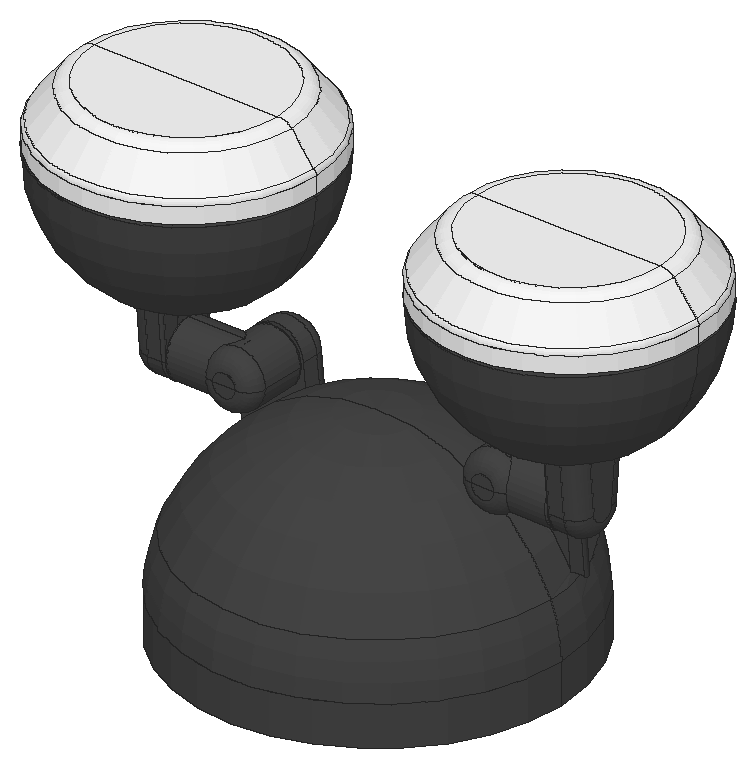
Revit family "AFX-Daniel-Outdoor_Sconce", category Lighting Fixtures, host Face, Revit 2021
Family settings
  Host = Face
  Round Connector Dimension = Use Diameter
  Part Type = Normal
  Cut with Voids When Loaded = No
  Light Source = No
  Shared = No
  Room Calculation Point = No
Parameters (values of type "DANW0706LAJENBK")
  Width = 7 3/8"
  Wattage Comments = "9"
  Voltage = 120 V
  URL = "https://www.afxinc.com/"
  Type Comments = "Daniel"  # constant formula
  Supports Finish = AFX - Black Steel
  Revit File Built By = "https://servex-us.com/servex-revit/"
  Product Documentation Link = "https://www.afxinc.com/products/productDetail.cfm?productID=2718"
  Power Factor = 1
  Model = "DANW0706LAJENBK"
  Manufacturer = "AFX Inc"  # constant formula
  Lamp = ""
  Keynote = "12500"  # constant formula
  Housing Finish = AFX - Black Steel
  Height = 6"
  Diffuser Finish = AFX - White Acrylic
  Description = "Outdoor LED Wall Light Polycarbonate Housing And Diffuser - 7 3/8\"W x 5 1/2\"D x 6\"H"
  Depth = 5 1/2"
  Default Elevation = 48"
  Colour Rendering Index = "80"
  Assembly Code = "D5020200"
  Apparent Load = 0 VA
Reference planes (in)
  plane 1 "Center (Front/Back)": y = 0
  plane 2: z = 0
  plane 3 "Center (Left/Right)": x = 0
  plane 4: x = -3.6875
  plane 5: x = 3.6875
  plane 6: y = 3
  plane 7: y = -3
  plane 8: z = 6
Forms (in)
  Revolve 1, solid, material "AFX - Black Steel" <- "Housing Finish"
    sketch origin (0, 0, 0) x (1, 0, 0) y (0, 0, 1)
      loop
        line (2.57111, 0) -> (2.57111, 0.5536)
        arc (2.57111, 0.5536) -> (2.53203, 0.92077) -> (2.41654, 1.27149) r 1.74439
        arc (2.41654, 1.27149) -> (1.43774, 2.40154) -> (0, 2.81136) r 2.6171
        line (0, 2.81136) -> (0, 0) -> (2.57111, 0)
      axis (0, 2.81136) -> (0, 0)
    angle from 0 to 360
  Revolve 2, solid, material "AFX - Black Steel" <- "Supports Finish"
    sketch origin (0, 0, 2.65625) x (1, 0, 0) y (0, 1, 0)
      loop
        arc (1.43966, 0.43836) -> (1.42455, 0.4321) -> (1.41829, 0.41699) r 0.02137
        line (1.41829, 0.41699) -> (1.41829, -0.19244)
        arc (1.41829, -0.19244) -> (1.48693, -0.35816) -> (1.65265, -0.42681) r 0.23436
        line (1.65265, -0.42681) -> (1.81144, -0.42681) -> (1.81144, 0.43836) -> (1.43966, 0.43836)
      axis (1.81144, 0.43836) -> (1.81144, -0.42681)
    angle from 0 to 360
  Revolve 3, solid, material "AFX - Black Steel" <- "Supports Finish"
    sketch origin (0, 0, -0.00391) x (1, 0, 0) y (0, 0, 1)
      loop
        line (2.67198, 2.65998) -> (2.67198, 3.02602)
        arc (2.67198, 3.02602) -> (2.6654, 3.04191) -> (2.6495, 3.0485) r 0.02248
        line (2.6495, 3.0485) -> (1.79715, 3.0485) -> (1.79715, 2.65998) -> (2.67198, 2.65998)
      axis (2.67198, 2.65998) -> (1.79715, 2.65998)
    angle from 0 to 360
  Sweep 4, solid, material "AFX - Black Steel" <- "Housing Finish"
    path origin (0, 0.48437, 0) x (1, 0, 0) y (0, 0, -1)
      loop
        line (-1.3623, -2.04654) -> (-1.41859, -2.68992)
        arc (-1.41859, -2.68992) -> (-1.81099, -3.04949) -> (-2.20339, -2.68992) r 0.3939
        line (-2.20339, -2.68992) -> (-2.34276, -1.09687)
    profile origin (-1.81099, 0.48437, 3.04949) x (0, 0, 1) y (0, 1, 0)
      loop
        line (0, 0) -> (0, 0.22922)
        arc (0, 0.22922) -> (-0.05809, 0.36945) -> (-0.19832, 0.42754) r 0.19832
        line (-0.19832, 0.42754) -> (-0.24107, 0.42754) -> (-0.24107, 0) -> (0, 0)
  Extrusion 5, solid, material "AFX - Black Steel" <- "Housing Finish"
    sketch origin (0, 0, 0) x (1, 0, 0) y (0, 0, 1)
      loop
        arc (-1.65874, 2.66891) -> (-1.81099, 2.80842) -> (-1.96324, 2.66891) r 0.15283
        line (-1.96324, 2.66891) -> (-2.05849, 1.58023) -> (-1.60708, 2.07852) -> (-1.65874, 2.66891)
    from -0.91192 to -0.48437
  Sweep 6, solid, material "AFX - Black Steel" <- "Housing Finish"
    path origin (0, 0.48437, 0) x (-1, 0, 0) y (0, 0, 1)
      loop
        line (-1.3623, 2.04654) -> (-1.41859, 2.68992)
        arc (-1.41859, 2.68992) -> (-1.81099, 3.04949) -> (-2.20339, 2.68992) r 0.3939
        line (-2.20339, 2.68992) -> (-2.34276, 1.09687)
    profile origin (1.81099, 0.48437, 3.04949) x (0, 0, -1) y (0, 1, 0)
      loop
        line (0, 0) -> (0.24107, 0) -> (0.24107, 0.42754) -> (0.19832, 0.42754)
        arc (0.19832, 0.42754) -> (0.05809, 0.36945) -> (0, 0.22922) r 0.19832
        line (0, 0.22922) -> (0, 0)
  Extrusion 7, solid, material "AFX - Black Steel" <- "Housing Finish"
    sketch origin (0, 0, 0) x (1, 0, 0) y (0, 0, 1)
      loop
        line (1.60245, 2.02553) -> (2.10261, 1.07586) -> (1.96324, 2.66891)
        arc (1.96324, 2.66891) -> (1.81099, 2.80842) -> (1.65874, 2.66891) r 0.15283
        line (1.65874, 2.66891) -> (1.60245, 2.02553)
    from -0.91192 to -0.48437
  Sweep 8, solid, material "AFX - Black Steel" <- "Supports Finish"
    path origin (0, 0, 0) x (0, 1, 0) y (0, 0, 1)
      loop
        line (-0.46918, 3.40515) -> (-0.39821, 2.62546)
        arc (-0.39821, 2.62546) -> (0, 2.26185) -> (0.39821, 2.62546) r 0.39985
        line (0.39821, 2.62546) -> (0.46918, 3.40515)
    profile origin (0, 0, 2.26185) x (0, 0, 1) y (1, 0, 0)
      loop
        line (0.04415, 2.67717) -> (0.2754, 2.67717) -> (0.2754, 3.14862) -> (0.2421, 3.14862)
        arc (0.2421, 3.14862) -> (0.07666, 3.0801) -> (0.00814, 2.91466) r 0.23396
        line (0.00814, 2.91466) -> (0.00814, 2.71318)
        arc (0.00814, 2.71318) -> (0.01869, 2.68771) -> (0.04415, 2.67717) r 0.03601
  Extrusion 9, solid, material "AFX - Black Steel" <- "Supports Finish"
    sketch origin (0, 0, 0) x (0, 1, 0) y (0, 0, 1)
      loop
        line (0.19491, 3.43011) -> (-0.19491, 3.43011) -> (-0.12394, 2.65043)
        arc (-0.12394, 2.65043) -> (0, 2.53726) -> (0.12394, 2.65043) r 0.12445
        line (0.12394, 2.65043) -> (0.19491, 3.43011)
    from 2.67717 to 3.14862
  Revolve 10, solid, material "AFX - Black Steel" <- "Supports Finish"
    sketch origin (0, 0, -0.00391) x (-1, 0, 0) y (0, 0, -1)
      loop
        line (2.67198, -2.65998) -> (1.79715, -2.65998) -> (1.79715, -3.0485) -> (2.6495, -3.0485)
        arc (2.6495, -3.0485) -> (2.6654, -3.04191) -> (2.67198, -3.02602) r 0.02248
        line (2.67198, -3.02602) -> (2.67198, -2.65998)
      axis (2.67198, -2.65998) -> (1.79715, -2.65998)
    angle from 0 to 360
  Sweep 11, solid, material "AFX - Black Steel" <- "Supports Finish"
    path origin (0, 0, 0) x (0, 1, 0) y (0, 0, -1)
      loop
        line (-0.46918, -3.40515) -> (-0.39821, -2.62546)
        arc (-0.39821, -2.62546) -> (0, -2.26185) -> (0.39821, -2.62546) r 0.39985
        line (0.39821, -2.62546) -> (0.46918, -3.40515)
    profile origin (0, 0, 2.26185) x (0, 0, -1) y (-1, 0, 0)
      loop
        arc (-0.04415, 2.67717) -> (-0.01869, 2.68771) -> (-0.00814, 2.71318) r 0.03601
        line (-0.00814, 2.71318) -> (-0.00814, 2.91466)
        arc (-0.00814, 2.91466) -> (-0.07666, 3.0801) -> (-0.2421, 3.14862) r 0.23396
        line (-0.2421, 3.14862) -> (-0.2754, 3.14862) -> (-0.2754, 2.67717) -> (-0.04415, 2.67717)
  Extrusion 12, solid, material "AFX - Black Steel" <- "Supports Finish"
    sketch origin (0, 0, 0) x (0, 1, 0) y (0, 0, -1)
      loop
        line (0.19491, -3.43011) -> (0.12394, -2.65043)
        arc (0.12394, -2.65043) -> (0, -2.53726) -> (-0.12394, -2.65043) r 0.12445
        line (-0.12394, -2.65043) -> (-0.19491, -3.43011) -> (0.19491, -3.43011)
    from 2.67717 to 3.14862
  Revolve 13, solid, material "AFX - Black Steel" <- "Supports Finish"
    sketch origin (0, 0, 2.65625) x (-1, 0, 0) y (0, -1, 0)
      loop
        line (1.43966, -0.43836) -> (1.81144, -0.43836) -> (1.81144, 0.42681) -> (1.65265, 0.42681)
        arc (1.65265, 0.42681) -> (1.48693, 0.35816) -> (1.41829, 0.19244) r 0.23436
        line (1.41829, 0.19244) -> (1.41829, -0.41699)
        arc (1.41829, -0.41699) -> (1.42455, -0.4321) -> (1.43966, -0.43836) r 0.02137
      axis (1.81144, -0.43836) -> (1.81144, 0.42681)
    angle from 0 to 360
Cuts and joins
  joined: Revolve 2, Revolve 3
  joined: Revolve 1, Sweep 4, Extrusion 5, Sweep 6, Extrusion 7
  joined: Sweep 8, Extrusion 9
Lines and regions (in)
  symbolic lines
    curve 1: line (2.33197, 0, 1.22024) -> (2.25616, 0, 1.27149)
    curve 2: line (2.33197, 0, 1.22024) -> (2.20339, 0, 2.68992)
    curve 3: line (2.11297, 0, 1.49684) -> (2.25616, 0, 1.27149)
    curve 4: arc (2.11297, 0, 1.49684) -> (1.86581, 0, 1.8271) -> (1.56696, 0, 2.11145) r 2.4615
    curve 5: line (1.41859, 0, 2.68992) -> (1.38589, 0, 2.31617)
    curve 6: arc (2.2046, 0, 2.65625) -> (1.81144, 0, 3.04941) -> (1.41829, 0, 2.65625) r 0.39316
    curve 7: spline (1.56696, 0, 2.11145) -> (1.5444, 0, 2.12997) -> (1.52245, 0, 2.14895) -> (1.50139, 0, 2.16815) -> (1.48144, 0, 2.18737) -> (1.46284, 0, 2.20638) -> (1.44581, 0, 2.22497) -> (1.43054, 0, 2.24291) -> (1.4172, 0, 2.26001) -> (1.40595, 0, 2.27606) -> (1.39691, 0, 2.29088) -> (1.3902, 0, 2.3043) -> (1.38589, 0, 2.31617)
    curve 8: arc (-1.41859, 0, 2.68992) -> (-1.81099, 0, 3.04949) -> (-2.20339, 0, 2.68992) r 0.3939
    curve 9: line (-1.3858, 0, 2.31518) -> (-1.41859, 0, 2.68992)
    curve 10: line (-2.20339, 0, 2.68992) -> (-2.33197, 0, 1.22024)
    curve 11: line (-2.33197, 0, 1.22024) -> (-2.25614, 0, 1.27151)
    curve 12: spline (-2.25614, 0, 1.27151) -> (-2.24404, 0, 1.29003) -> (-2.23187, 0, 1.30877) -> (-2.21964, 0, 1.32771) -> (-2.20735, 0, 1.34682) -> (-2.19502, 0, 1.36609) -> (-2.18266, 0, 1.38551) -> (-2.17028, 0, 1.40505) -> (-2.1579, 0, 1.4247) -> (-2.14551, 0, 1.44444) -> (-2.13314, 0, 1.46424) -> (-2.12079, 0, 1.48411) -> (-2.10849, 0, 1.504)
    curve 13: arc (-2.10849, 0, 1.504) -> (-1.85617, 0, 1.83788) -> (-1.55095, 0, 2.1242) r 2.46151
    curve 14: spline (-1.55095, 0, 2.1242) -> (-1.52953, 0, 2.14159) -> (-1.50889, 0, 2.15931) -> (-1.48924, 0, 2.17718) -> (-1.47079, 0, 2.19501) -> (-1.45373, 0, 2.21263) -> (-1.43823, 0, 2.22984) -> (-1.42446, 0, 2.24647) -> (-1.41256, 0, 2.26235) -> (-1.40265, 0, 2.27731) -> (-1.39484, 0, 2.29119) -> (-1.3892, 0, 2.30386) -> (-1.3858, 0, 2.31518)
    curve 15: line (2.67716, 0, 3.29286) -> (2.67716, 0, 2.30619)
    curve 16: line (2.71368, 0, 2.26968) -> (2.91471, 0, 2.26968)
    curve 17: arc (2.67716, 0, 2.30619) -> (2.68786, 0, 2.28037) -> (2.71368, 0, 2.26968) r 0.03651
    curve 18: line (3.14869, 0, 3.35663) -> (3.14869, 0, 2.50366)
    curve 19: arc (3.14869, 0, 2.50366) -> (3.08016, 0, 2.33821) -> (2.91471, 0, 2.26968) r 0.23398
    curve 20: line (1.8709, 0, 3.04489) -> (2.64894, 0, 3.04489)
    curve 21: line (2.24033, 0, 2.26764) -> (2.65087, 0, 2.26764)
    curve 22: line (2.67166, 0, 2.28843) -> (2.67166, 0, 3.02217)
    curve 23: arc (2.64894, 0, 3.04489) -> (2.66501, 0, 3.03823) -> (2.67166, 0, 3.02217) r 0.02272
    curve 24: arc (2.65087, 0, 2.26764) -> (2.66557, 0, 2.27373) -> (2.67166, 0, 2.28843) r 0.0208
    curve 25: line (-2.57111, 0, 0) -> (-2.57111, 0, 0.57945)
    curve 26: arc (-2.30914, 0, 1.4811) -> (-2.50062, 0, 1.04785) -> (-2.57111, 0, 0.57945) r 1.78098
    curve 27: line (2.57111, 0, 0) -> (2.57111, 0, 0.57945)
    curve 28: arc (2.30914, 0, 1.4811) -> (2.50062, 0, 1.04785) -> (2.57111, 0, 0.57945) r 1.78098
    curve 29: arc (-1.39559, 0, 2.42704) -> (0, 0, 2.81248) -> (1.39559, 0, 2.42704) r 2.7193
    curve 30: line (-2.67716, 0, 3.29286) -> (-2.67716, 0, 2.30619)
    curve 31: line (-2.71368, 0, 2.26968) -> (-2.91471, 0, 2.26968)
    curve 32: arc (-2.67716, 0, 2.30619) -> (-2.68786, 0, 2.28037) -> (-2.71368, 0, 2.26968) r 0.03651
    curve 33: line (-3.14869, 0, 3.35663) -> (-3.14869, 0, 2.50366)
    curve 34: arc (-3.14869, 0, 2.50366) -> (-3.08016, 0, 2.33821) -> (-2.91471, 0, 2.26968) r 0.23398
    curve 35: line (-1.87102, 0, 3.04489) -> (-2.64894, 0, 3.04489)
    curve 36: line (-2.24033, 0, 2.26764) -> (-2.65087, 0, 2.26764)
    curve 37: line (-2.67166, 0, 2.28843) -> (-2.67166, 0, 3.02217)
    curve 38: arc (-2.64894, 0, 3.04489) -> (-2.66501, 0, 3.03823) -> (-2.67166, 0, 3.02217) r 0.02272
    curve 39: arc (-2.65087, 0, 2.26764) -> (-2.66557, 0, 2.27373) -> (-2.67166, 0, 2.28843) r 0.0208
Dimensions and locks (in)
  "Width": plane 4 to plane 5
  "Height": plane 7 to plane 6
  "Height": plane 8 to plane 2
  equal spacing: plane 4, plane 3 "Center (Left/Right)", plane 5
  equal spacing: plane 7, plane 1 "Center (Front/Back)", plane 6
  aligned and locked: plane 2 to host face
  aligned and locked: level to host face
  aligned and locked: cut or joined group of Sweep 8, Extrusion 9 to Extrusion 9  (x2)
Automatic sketch dimensions
  host sketch curve to host sketch curve = 96"  (x2)
  Revolve 1 sketch curve to plane 3 "Center (Left/Right)" = 0"  (x2)
  Revolve 1 sketch curve to level = 0"
  plane 3 "Center (Left/Right)" to Revolve 1 sketch curve = 0.03134"
  plane 3 "Center (Left/Right)" to Revolve 1 sketch curve = 0.82672"
  Revolve 1 sketch curve to plane 5 = 1.11639"
  level to Revolve 1 sketch curve = 0.19444"
  level to Revolve 1 sketch curve = 0.5536"
  Revolve 1 sketch curve to Revolve 1 sketch curve = 2.25775"
  Revolve 1 sketch curve to Revolve 1 sketch curve = 1.62095"
  Revolve 1 sketch curve to plane 8 = 1.52744"
  plane 1 "Center (Front/Back)" to Revolve 2 sketch curve = 0.19244"
  plane 3 "Center (Left/Right)" to Revolve 2 sketch curve = 1.41829"
  Revolve 2 sketch curve to Revolve 2 sketch curve = 0.02137"
  Revolve 2 sketch curve to Revolve 2 sketch curve = 15/64"
  Revolve 2 sketch curve to Revolve 2 sketch curve = 0.1588"
  Revolve 2 sketch curve to plane 1 "Center (Front/Back)" = 0.41699"
  Revolve 2 sketch curve to Revolve 2 sketch curve = 0"
  Revolve 2 sketch curve to Revolve 2 sketch curve = 0.10571"
  Revolve 2 sketch curve to Revolve 2 sketch curve = 0.22252"
  plane 3 "Center (Left/Right)" to Revolve 3 sketch curve = 1.79715"
  Revolve 3 sketch curve to Revolve 3 sketch curve = 0.85236"
  Revolve 3 sketch curve to Revolve 3 sketch curve = 0.02248"
  level to Revolve 3 sketch curve = 2.65608"
  Revolve 3 sketch curve to Revolve 3 sketch curve = 0.36604"
  Revolve 3 sketch curve to Revolve 3 sketch curve = 0.50198"
  Revolve 3 sketch curve to Revolve 3 sketch curve = 0.20262"
  Revolve 3 sketch curve to Revolve 3 sketch curve = 0"
  Sweep 4 sketch curve to plane 4 = 1.48411"
  Sweep 4 sketch curve to Sweep 4 sketch curve = 0.3924"  (x2)
  level to Sweep 4 sketch curve = 2.68992"
  Sweep 4 sketch curve to Sweep 4 sketch curve = 0.03433"
  Sweep 4 sketch curve to plane 4 = 1.34474"
  Sweep 4 sketch curve to Sweep 4 sketch curve = 0.05629"
  Sweep 4 sketch curve to Sweep 4 sketch curve = 0.64338"
  level to Sweep 4 sketch curve = 1.09687"
  Sweep 4 sketch curve to profile plane = 0"
  profile plane to Sweep 4 sketch curve = 0"
  profile plane to Sweep 4 sketch curve = 0.19832"
  Sweep 4 sketch curve to Sweep 4 sketch curve = 0.04274"
  profile plane to Sweep 4 sketch curve = 0.22922"
  Extrusion 5 sketch curve to plane 4 = 1.62901"
  Extrusion 5 sketch curve to Extrusion 5 sketch curve = 0.09525"
  Extrusion 5 sketch curve to Extrusion 5 sketch curve = 0.15225"  (x2)
  Extrusion 5 sketch curve to Extrusion 5 sketch curve = 0.05165"
  level to Extrusion 5 sketch curve = 1.58023"
  Extrusion 5 sketch curve to Extrusion 5 sketch curve = 0.49829"
  Extrusion 5 sketch curve to Extrusion 5 sketch curve = 0.57707"
  Extrusion 5 sketch curve to Extrusion 5 sketch curve = 0.01332"
  Sweep 6 sketch curve to plane 5 = 1.48411"
  Sweep 6 sketch curve to Sweep 6 sketch curve = 0.3924"  (x2)
  level to Sweep 6 sketch curve = 2.65559"
  Sweep 6 sketch curve to Sweep 6 sketch curve = 0.03433"
  Sweep 6 sketch curve to plane 5 = 1.34474"
  Sweep 6 sketch curve to Sweep 6 sketch curve = 0.05629"
  Sweep 6 sketch curve to Sweep 6 sketch curve = 0.64338"
  level to Sweep 6 sketch curve = 1.09687"
  Sweep 6 sketch curve to profile plane = 0"  (x2)
  Sweep 6 sketch curve to Sweep 6 sketch curve = 0.19832"
  Sweep 6 sketch curve to Sweep 6 sketch curve = 0.04274"
  profile plane to Sweep 6 sketch curve = 0.22922"
  plane 3 "Center (Left/Right)" to Extrusion 7 sketch curve = 1.60245"
  Extrusion 7 sketch curve to Extrusion 7 sketch curve = 0.05629"
  Extrusion 7 sketch curve to Extrusion 7 sketch curve = 0.15225"  (x2)
  Extrusion 7 sketch curve to Extrusion 7 sketch curve = 0.50016"
  level to Extrusion 7 sketch curve = 1.07586"
  Extrusion 7 sketch curve to Extrusion 7 sketch curve = 0.94967"
  Extrusion 7 sketch curve to Extrusion 7 sketch curve = 0.63006"
  Extrusion 7 sketch curve to Extrusion 7 sketch curve = 0.01332"
  Sweep 8 sketch curve to plane 1 "Center (Front/Back)" = 0"
  plane 1 "Center (Front/Back)" to Sweep 8 sketch curve = 0.39821"
  Sweep 8 sketch curve to plane 1 "Center (Front/Back)" = 0.39821"
  level to Sweep 8 sketch curve = 2.62546"
  Sweep 8 sketch curve to Sweep 8 sketch curve = 0.03625"
  plane 1 "Center (Front/Back)" to Sweep 8 sketch curve = 0.46918"
  Sweep 8 sketch curve to plane 1 "Center (Front/Back)" = 0.46918"
  Sweep 8 sketch curve to Sweep 8 sketch curve = 0.77969"  (x2)
  Sweep 8 sketch curve to profile plane = 0.00814"
  Sweep 8 sketch curve to Sweep 8 sketch curve = 0.03601"
  Sweep 8 sketch curve to profile plane = 0.2421"
  Sweep 8 sketch curve to Sweep 8 sketch curve = 0.0333"
  profile plane to Sweep 8 sketch curve = 2.67717"
  Sweep 8 sketch curve to Sweep 8 sketch curve = 0.23749"
  Extrusion 9 sketch curve to plane 1 "Center (Front/Back)" = 0"
  plane 1 "Center (Front/Back)" to Extrusion 9 sketch curve = 0.12394"
  plane 1 "Center (Front/Back)" to Extrusion 9 sketch curve = 0.19491"
  Extrusion 9 sketch curve to plane 1 "Center (Front/Back)" = 0.12394"
  Extrusion 9 sketch curve to plane 1 "Center (Front/Back)" = 0.19491"
  level to Extrusion 9 sketch curve = 2.65043"
  Extrusion 9 sketch curve to Extrusion 9 sketch curve = 0.01128"
  Extrusion 9 sketch curve to Extrusion 9 sketch curve = 0.77969"
  Revolve 10 sketch curve to plane 3 "Center (Left/Right)" = 1.79715"
  Revolve 10 sketch curve to Revolve 10 sketch curve = 0.85236"
  Revolve 10 sketch curve to Revolve 10 sketch curve = 0.02248"
  Revolve 10 sketch curve to plane 8 = 2.95541"
  Revolve 10 sketch curve to Revolve 10 sketch curve = 0.38851"
  Revolve 10 sketch curve to Revolve 10 sketch curve = 0.50198"
  Revolve 10 sketch curve to Revolve 10 sketch curve = 0.20262"
  Revolve 10 sketch curve to Revolve 10 sketch curve = 0"
  Sweep 11 sketch curve to plane 1 "Center (Front/Back)" = 0"
  plane 1 "Center (Front/Back)" to Sweep 11 sketch curve = 0.39821"
  Sweep 11 sketch curve to plane 1 "Center (Front/Back)" = 0.39821"
  level to Sweep 11 sketch curve = 2.66171"
  Sweep 11 sketch curve to Sweep 11 sketch curve = 0.03625"
  plane 1 "Center (Front/Back)" to Sweep 11 sketch curve = 0.46918"
  Sweep 11 sketch curve to plane 1 "Center (Front/Back)" = 0.46918"
  Sweep 11 sketch curve to Sweep 11 sketch curve = 0.77969"  (x2)
  profile plane to Sweep 11 sketch curve = 0.2754"
  Sweep 11 sketch curve to Sweep 11 sketch curve = 0.0333"
  profile plane to Sweep 11 sketch curve = 0.04415"
  profile plane to Sweep 11 sketch curve = 0.00814"
  profile plane to Sweep 11 sketch curve = 2.67717"
  Sweep 11 sketch curve to Sweep 11 sketch curve = 0.23749"
  Extrusion 12 sketch curve to plane 1 "Center (Front/Back)" = 0"
  plane 1 "Center (Front/Back)" to Extrusion 12 sketch curve = 0.12394"
  plane 1 "Center (Front/Back)" to Extrusion 12 sketch curve = 0.19491"
  Extrusion 12 sketch curve to plane 1 "Center (Front/Back)" = 0.12394"
  Extrusion 12 sketch curve to plane 1 "Center (Front/Back)" = 0.19491"
  Extrusion 12 sketch curve to plane 8 = 2.56989"
  Extrusion 12 sketch curve to Extrusion 12 sketch curve = 0.7684"
  Extrusion 12 sketch curve to Extrusion 12 sketch curve = 0.01128"
  plane 1 "Center (Front/Back)" to Revolve 13 sketch curve = 0.19244"
  Revolve 13 sketch curve to plane 3 "Center (Left/Right)" = 1.41829"
  Revolve 13 sketch curve to Revolve 13 sketch curve = 0.02137"
  Revolve 13 sketch curve to Revolve 13 sketch curve = 15/64"
  Revolve 13 sketch curve to Revolve 13 sketch curve = 0.1588"
  Revolve 13 sketch curve to plane 1 "Center (Front/Back)" = 0.41699"
  Revolve 13 sketch curve to Revolve 13 sketch curve = 0"
  Revolve 13 sketch curve to Revolve 13 sketch curve = 0.22252"
  Revolve 13 sketch curve to Revolve 13 sketch curve = 0.10571"
  curve 25 to level = 0"
  curve 29 to plane 3 "Center (Left/Right)" = 0"
  curve 27 to level = 0"
  curve 13 to plane 3 "Center (Left/Right)" = 0.02561"
  curve 26 to plane 3 "Center (Left/Right)" = 0.79036"
  curve 9 to plane 3 "Center (Left/Right)" = 1.3858"
  curve 9 to curve 14 = 0.03279"
  curve 8 to curve 8 = 0.3924"
  curve 10 to curve 8 = 0.3924"
  curve 11 to curve 9 = 0.87033"
  curve 11 to curve 11 = 0.07583"
  level to curve 25 = 0.57945"
  curve 25 to curve 10 = 0.23915"
  curve 38 to curve 8 = 0.44556"
  curve 36 to curve 8 = 0.44748"
  curve 37 to curve 39 = 0.0208"
  curve 30 to curve 39 = 0.0055"
  curve 32 to curve 30 = 0.03651"
  curve 31 to curve 31 = 0.20103"
  curve 33 to curve 34 = 0.23398"
  plane 3 "Center (Left/Right)" to curve 4 = 0.0256"
  plane 3 "Center (Left/Right)" to curve 28 = 0.79036"
  plane 3 "Center (Left/Right)" to curve 5 = 1.38589"
  curve 7 to curve 6 = 0.42555"
  curve 7 to curve 3 = 0.72708"
  curve 3 to curve 3 = 0.14318"
  curve 1 to curve 1 = 0.07581"
  level to curve 27 = 0.57945"
  curve 1 to curve 27 = 0.23915"
  curve 6 to curve 20 = 0.8375"
  curve 23 to curve 24 = 0.00192"
  curve 24 to curve 22 = 0.0208"
  curve 22 to curve 15 = 0.0055"
  curve 17 to curve 17 = 0.03651"
  curve 16 to curve 16 = 0.20103"
  curve 19 to curve 18 = 0.23398"
  level to curve 29 = 0.09318"
  curve 29 to curve 13 = 0.09908"
  curve 13 to curve 4 = 0.00002"
  level to curve 28 = 0.55094"
  level to curve 26 = 0.55094"
  curve 25 to curve 11 = 0.64079"
  curve 27 to curve 2 = 0.64079"
  curve 1 to curve 1 = 0.05126"
  curve 10 to curve 11 = 0.05127"
  curve 1 to curve 3 = 0.22535"
  curve 11 to curve 36 = 0.99613"
  curve 4 to curve 21 = 0.7708"
  curve 16 to curve 24 = 0.01876"
  curve 31 to curve 37 = 0.01876"
  curve 36 to curve 9 = 0.04754"
  curve 21 to curve 5 = 0.04853"
  curve 9 to curve 8 = 0.34041"
  curve 7 to curve 6 = 0.34008"
  curve 14 to curve 9 = 0.37474"
  curve 34 to curve 37 = 0.51851"
  curve 19 to curve 22 = 0.51851"
  curve 14 to curve 14 = 0.00332"
  curve 29 to curve 14 = 0.00647"
  curve 13 to curve 9 = 0.16515"
  curve 14 to curve 14 = 0.05382"
  curve 12 to curve 14 = 0.14964"
  curve 26 to curve 13 = 0.20066"
  curve 12 to curve 12 = 0.05278"
  curve 7 to curve 29 = 0.0097"
  curve 29 to curve 6 = 0.0227"
  curve 6 to curve 5 = 0.0003"
  curve 7 to curve 7 = 0.18107"
  curve 4 to curve 7 = 0.03169"
  curve 4 to curve 7 = 0.24243"
  curve 2 to curve 6 = 0.00121"
  curve 6 to curve 21 = 0.03573"
  curve 26 to curve 13 = 0.02291"
  curve 35 to curve 30 = 0.24798"
  curve 23 to curve 15 = 0.24798"
  curve 30 to curve 33 = 0.06377"
  curve 15 to curve 18 = 0.06377"
Nested families (in)
  nested 1: "Screem" at (2.67716, 0, 3.28714), Diffuser Finish <- "Diffuser Finish", Housing Finish <- "Housing Finish", type "Parts}"
  nested 2: "Screem" at (-2.67716, 0, 3.28714) x (-1, 0, 0) z (0, 0, 1), Diffuser Finish <- "Diffuser Finish", Housing Finish <- "Housing Finish", type "Parts}"
Connectors (in)
  electrical at (0, 0, 0), driven by "Voltage", driven by "Apparent Load", driven by "Power Factor"
    settings: on cut or joined group of Revolve 1, Sweep 4, Extrusion 5, Sweep 6, Extrusion 7, index 1, voltage 120 V, apparent load 0 VA, apparent load phase1 0 VA, apparent load phase2 0 VA, apparent load phase3 0 VA, power factor 1, load classification "Lighting", number of poles 1, system type 31, power factor state 1, is connector primary yes, connector utility no, sub classification motor no, connector description ""
Definition of nested family "Screem"
  Parameters (values of type "Parts}")
    Wattage = 9.2903 W
    built-in parameter 1150110 = 1 (stored number, unit not read)
    built-in parameter 1114217 = 1 (stored number, unit not read)
    Tilt Angle = 90.00°
    built-in parameter 1150109 = 1 (stored number, unit not read)
    built-in parameter 1150134 = 3
    built-in parameter 1150113 = 1 (stored number, unit not read)
    Housing Finish [instance] = none
    Photometric Web File = "SWF200 12W 3000K_IESNA2002.IES"
    built-in parameter 1150105 = 109.82 (stored number, unit not read)
    Lumens = 1380 lm
    built-in parameter 1150115 = 1 (stored number, unit not read)
    built-in parameter 1150137 = (empty or 0)
    built-in parameter 1150139 = (empty or 0)
    built-in parameter 1150112 = 1 (stored number, unit not read)
    built-in parameter 1150114 = 1 (stored number, unit not read)
    built-in parameter 1150132 = (empty or 0)
    built-in parameter 1150102 = (empty or 0)
    built-in parameter 1150107 = 3200 (stored number, unit not read)
    built-in parameter 1150138 = (empty or 0)
    built-in parameter 1150106 = 1.0982 (stored number, unit not read)
    Emit from Line Length = 2"
    built-in parameter 1150104 = 13.8 (stored number, unit not read)
    Dimming Lamp Color Temperature Shift = (empty or 0)
    Diffuser Finish [instance] = none
    Default Elevation = 0"
    Color Filter = 16777215
    built-in parameter 1114218 = 1 (stored number, unit not read)
    built-in parameter 1150133 = 10 (stored number, unit not read)
  Reference planes (in)
    plane 1 "Center (Front/Back)": y = 0
    plane 2: z = 0
    plane 3 "Center (Left/Right)": x = 0
  Forms (in)
    Revolve 1, solid, material <- "Housing Finish"
      sketch origin (-2.67716, 0, -3.19364) x (-1, 0, 0) y (0, 0, -1)
        loop
          arc (-0.85946, -5.08185) -> (-1.38621, -3.77043) -> (-2.6796, -3.20082) r 1.87228
          line (-2.6796, -3.20082) -> (-2.6796, -5.08185) -> (-0.85946, -5.08185)
        axis (-2.6796, -3.20082) -> (-2.6796, -5.08185)
      angle from 0 to 360
    Revolve 2, solid, material <- "Diffuser Finish"
      sketch origin (-2.67716, 0, -3.19364) x (1, 0, 0) y (0, 0, 1)
        loop
          line (4.49432, 5.11898) -> (4.49432, 5.34476)
          arc (4.49432, 5.34476) -> (4.48669, 5.38874) -> (4.4647, 5.42758) r 0.13062
          line (4.4647, 5.42758) -> (4.14332, 5.81951)
          arc (4.14332, 5.81951) -> (4.06119, 5.88365) -> (3.95952, 5.90649) r 0.2377
          line (3.95952, 5.90649) -> (2.67716, 5.90649) -> (2.67716, 5.08375) -> (4.38115, 5.08375) -> (4.38115, 5.11898) -> (4.49432, 5.11898)
        axis (2.67716, 5.08375) -> (2.67716, 5.90649)
      angle from 0 to 360
  Lines and regions (in)
    symbolic lines
      curve 1: line (1.81715, 0, 1.92534) -> (-1.81715, 0, 1.92534)
      curve 2: line (-1.81715, 0, 1.92534) -> (-1.81715, 0, 2.1538)
      curve 3: line (-1.7894, 0, 2.23145) -> (-1.46486, 0, 2.62752)
      curve 4: arc (-1.81715, 0, 2.1538) -> (-1.81001, 0, 2.19503) -> (-1.7894, 0, 2.23145) r 0.12251
      curve 5: line (1.2848, 0, 2.71277) -> (-1.2848, 0, 2.71277)
      curve 6: arc (-1.2848, 0, 2.71277) -> (-1.38441, 0, 2.69038) -> (-1.46486, 0, 2.62752) r 0.2328
      curve 7: line (1.81715, 0, 1.92534) -> (1.81715, 0, 2.1538)
      curve 8: line (1.7894, 0, 2.23145) -> (1.46486, 0, 2.62752)
      curve 9: arc (1.81715, 0, 2.1538) -> (1.81001, 0, 2.19503) -> (1.7894, 0, 2.23145) r 0.12251
      curve 10: arc (1.2848, 0, 2.71277) -> (1.38441, 0, 2.69038) -> (1.46486, 0, 2.62752) r 0.2328
      curve 11: line (1.70399, 0, 1.89011) -> (1.70399, 0, 1.92534)
      curve 12: line (1.70399, 0, 1.89011) -> (-1.70399, 0, 1.89011)
      curve 13: line (-1.70399, 0, 1.89011) -> (-1.70399, 0, 1.92534)
      curve 14: line (-1.81764, 0, 1.8882) -> (1.82247, 0, 1.8882)
      curve 15: spline (1.82247, 0, 1.8882) -> (1.7647, 0, 1.40229) -> (1.58519, 0, 0.94857) -> (1.29635, 0, 0.55837) -> (0.91813, 0, 0.25865) -> (0.47665, 0, 0.07012) -> (0.00242, 0, 0.00579) -> (-0.47182, 0, 0.07012) -> (-0.9133, 0, 0.25865) -> (-1.29152, 0, 0.55837) -> (-1.58036, 0, 0.94857) -> (-1.75987, 0, 1.40229) -> (-1.81764, 0, 1.8882)
  Dimensions and locks (in)
    aligned and locked: level to plane 2
